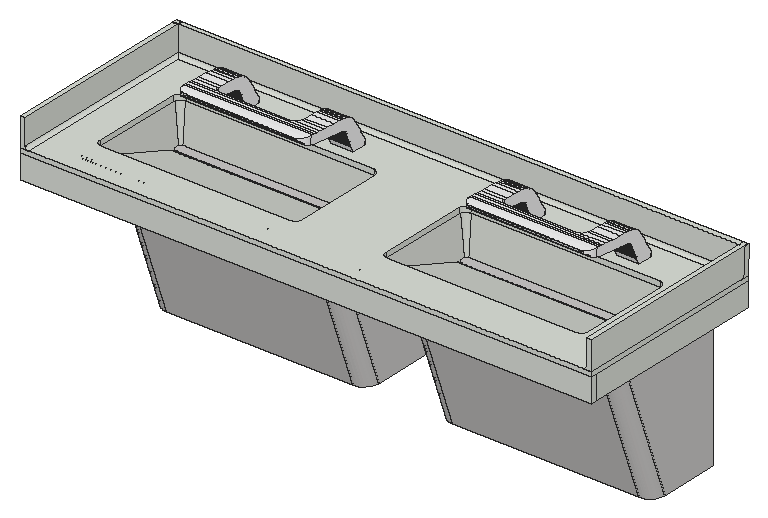
Revit family "Sink-Bradley_Corp-Omnideck_LD-5010_WashBar_2Bowl", category Plumbing Fixtures, Revit 2017
Family settings
  Round Connector Dimension = Use Diameter
  Part Type = Normal
  OmniClass Number = 23.45.00.00
  OmniClass Title = Sanitary, Laundry, and Cleaning Equipment
  Work Plane-Based = No
  Always vertical = Yes
  Cut with Voids When Loaded = No
  Shared = No
  Room Calculation Point = No
Parameters (values of type "Omnideck LD-5010 WashBar 2-Bowl")
  URL = "http://bradleycorp.com"
  SplashRight [instance] = yes
  SplashLeft [instance] = yes
  Splash-Height [instance] = 3"
  Specifications URL = "https://www.bradleycorp.com/3partspec"
  Product Tech Data URL - English = "https://www.bradleycorp.com/download/1152/Bradley_Sink_OmniDeck_LD-3010.pdf"
  Product Page URL = "https://www.bradleycorp.com/lavatories/omnideck/3000-series/omnideck-with-square-multipurpose-basin"
  OmniClass Table 23 Title = "Sinks/Lavatories"
  OmniClass Table 23 Number = "23.45 05 14 14"
  Model = "LD 3010 HS TS1 2-Bowl"
  Material-Deck [instance] = Stone - Bradley Corp - Designer White
  MasterFormat Title = "Commercial Lavatories and Sinks"
  MasterFormat Number = "22 42 16"
  Manufacturer Installation URL - English = "https://www.bradleycorp.com/download/1156/215-1219.pdf"
  Manufacturer = "Bradley Corporation"
  LENGTH [instance] = 60"
  HEIGHT [instance] = 33 1/2"
  SplashBack [instance] = yes
  Material-Basin [instance] = Stone - Bradley Corp - Designer White
  Description = "Bradley Omnideck Lavatory LD 3010  - HS TS1 Two  Bowl"
  DEPTH [instance] = 20 1/2"
  DIST-to-Bowl2 [instance] = 45"
  DIST-To-Bowl1 [instance] = 15"
  Copyright = "This Model Data is Property of Bradley Corporation"
  Assembly Code = "D2010400"
  ApronRight [instance] = yes
  ApronLeft [instance] = yes
  ApronFront [instance] = yes
  Apron-Depth [instance] = 3"
Reference planes
  plane 1 "Center (Front/Back)": y = 0
  plane 2: z = 0
  plane 3 "T.O. Deck": z = 850.9
  plane 4 "Deck Thickness": z = 838.2
  plane 5 "F.O.Deck": y = -520.7
  plane 6: z = 363.538
  plane 7 "C.O. BOWL": y = -273.05
  plane 8 "C.O.Bowl1": x = -502.85
  plane 9 "Splash-Height": z = 927.1
  plane 10 "C.O.Faucet-Soap": y = -79.375
  plane 11 "C.O.Bowl2": x = 259.15
  plane 12 "Right-End": x = 640.15
  plane 13 "LEFT-END": x = -883.85
  plane 14: z = 800.1
  plane 15: y = -482.569
  plane 16 "B.O. Basin": y = -127
  plane 17: x = -777.487
  plane 18: x = -228.212
  plane 19: x = -232.975
  plane 20: x = -772.725
  plane 21: y = -412.75
  plane 22: y = -133.35
  plane 23: x = 914.788
  plane 24: x = 368.594
  plane 25 "B.O. Apron": z = 774.7
  plane 26: z = 800.1
Forms (mm)
  Extrusion 1, solid, material "Stone - Bradley Corp - Designer White" <- "Material-Deck"
    sketch origin (0, 0, 850.9) x (-1, 0, 0) y (0, -1, 0)
      loop
        line (883.85, 0) -> (883.85, 520.7) -> (-640.15, 520.7) -> (-640.15, 0) -> (883.85, 0)
    from 0 to -12.7
  Extrusion 2, solid, material "Stone - Bradley Corp - Designer White" <- "Material-Deck", visible <- "ApronFront", detail levels medium+fine
    sketch origin (0, 0, 838.2) x (-1, 0, 0) y (0, -1, 0)
      loop
        line (883.85, 520.7) -> (-640.15, 520.7) -> (-640.15, 508) -> (883.85, 508) -> (883.85, 520.7)
    from 0 to -63.5
  Extrusion 3, solid, material "Stone - Bradley Corp - Designer White" <- "Material-Deck", visible <- "ApronRight", detail levels medium+fine
    sketch origin (1713.3, 0, 838.2) x (-1, 0, 0) y (0, -1, 0)
      loop
        line (1085.85, 508) -> (1073.15, 508) -> (1073.15, 0) -> (1085.85, 0) -> (1085.85, 508)
    from 0 to -63.5
  Extrusion 4, solid, material "Stone - Bradley Corp - Designer White" <- "Material-Deck", visible <- "ApronLeft", detail levels medium+fine
    sketch origin (-579, 0, 838.2) x (-1, 0, 0) y (0, -1, 0)
      loop
        line (304.85, 508) -> (292.15, 508) -> (292.15, 0) -> (304.85, 0) -> (304.85, 508)
    from 0 to -63.5
  Extrusion 5, solid, material "Stone - Bradley Corp - Designer White" <- "Material-Deck", visible <- "SplashBack"
    sketch origin (640.15, 0, 0) x (0, 0, -1) y (0, -1, 0)
      loop
        line (-927.1, 12.7) -> (-927.1, 0) -> (-850.9, 0) -> (-850.9, 22.225)
        arc (-850.9, 22.225) -> (-853.69, 15.49) -> (-860.425, 12.7) r 9.525
        line (-860.425, 12.7) -> (-927.1, 12.7)
    from 0 to 1524 <- "LENGTH"
  Extrusion 6, solid, material "Stone - Bradley Corp - Designer White" <- "Material-Deck", visible <- "SplashLeft"
    sketch origin (0, 0, 0) x (1, 0, 0) y (0, 0, 1)
      loop
        line (-871.15, 860.425) -> (-871.15, 927.1) -> (-883.85, 927.1) -> (-883.85, 850.9) -> (-861.625, 850.9)
        arc (-861.625, 850.9) -> (-868.36, 853.69) -> (-871.15, 860.425) r 9.525
    from 0 to 520.7 <- "DEPTH"
  Extrusion 7, solid, material "Stone - Bradley Corp - Designer White" <- "Material-Deck", visible <- "SplashRight"
    sketch origin (0, 0, 0) x (1, 0, 0) y (0, 0, 1)
      loop
        line (627.45, 927.1) -> (627.45, 860.425)
        arc (627.45, 860.425) -> (624.66, 853.69) -> (617.925, 850.9) r 9.525
        line (617.925, 850.9) -> (640.15, 850.9) -> (640.15, 927.1) -> (627.45, 927.1)
    from 0 to 520.7 <- "DEPTH"
  Extrusion 8, void
    sketch origin (0, 0, 850.9) x (-1, 0, 0) y (0, -1, 0)
      loop
        arc (251.994, 412.75) -> (238.546, 407.179) -> (232.975, 393.731) r 19.019
        line (232.975, 393.731) -> (232.975, 152.369)
        arc (232.975, 152.369) -> (238.546, 138.921) -> (251.994, 133.35) r 19.019
        line (251.994, 133.35) -> (753.675, 133.35)
        arc (753.675, 133.35) -> (767.123, 138.921) -> (772.725, 152.369) r 19.019
        line (772.725, 152.369) -> (772.694, 393.731)
        arc (772.694, 393.731) -> (767.123, 407.179) -> (753.675, 412.75) r 19.019
        line (753.675, 412.75) -> (251.994, 412.75)
    from 0 to -12.7
  Extrusion 9, void
    sketch origin (1143, 0, 850.9) x (-1, 0, 0) y (0, -1, 0)
      loop
        arc (632.994, 412.75) -> (619.546, 407.179) -> (613.975, 393.731) r 19.019
        line (613.975, 393.731) -> (613.975, 152.369)
        arc (613.975, 152.369) -> (619.546, 138.921) -> (632.994, 133.35) r 19.019
        line (632.994, 133.35) -> (1134.675, 133.35)
        arc (1134.675, 133.35) -> (1148.123, 138.921) -> (1153.725, 152.369) r 19.019
        line (1153.725, 152.369) -> (1153.694, 393.731)
        arc (1153.694, 393.731) -> (1148.123, 407.179) -> (1134.675, 412.75) r 19.019
        line (1134.675, 412.75) -> (632.994, 412.75)
    from 0 to -12.7
Cuts and joins
  Extrusion 8, Extrusion 9 cuts Extrusion 1
Dimensions and locks
  "HEIGHT": plane 3 "T.O. Deck" to level
  locked: plane 3 "T.O. Deck" to plane 4 "Deck Thickness" at 12.7
  "DEPTH": plane 5 "F.O.Deck" to plane 1 "Center (Front/Back)"
  plane 3 "T.O. Deck" to plane 6 = 19 3/16"  (x2)
  locked: plane 7 "C.O. BOWL" to plane 1 "Center (Front/Back)" at 273.05
  "Splash-Height": plane 9 "Splash-Height" to plane 3 "T.O. Deck"
  locked: plane 1 "Center (Front/Back)" to plane 10 "C.O.Faucet-Soap" at 79.375
  locked: plane 3 "T.O. Deck" to plane 14 at 50.8
  plane 17 to plane 8 "C.O.Bowl1" to plane 18 = 10 13/16", 10 13/16"
  "LENGTH": plane 13 "LEFT-END" to plane 12 "Right-End"
  "DIST-To-Bowl1": plane 13 "LEFT-END" to plane 8 "C.O.Bowl1"
  "DIST-to-Bowl2": plane 13 "LEFT-END" to plane 11 "C.O.Bowl2"
  locked: plane 16 "B.O. Basin" to plane 1 "Center (Front/Back)" at 127
  plane 17 to plane 18 = 21 5/8"
  locked: plane 21 to plane 1 "Center (Front/Back)" at 412.75
  "Apron-Depth": plane 3 "T.O. Deck" to plane 25 "B.O. Apron"
  locked: cut or joined group of Extrusion 1, Extrusion 8, Extrusion 9 to plane 26 at 50.8
  aligned and locked: level to plane 2
  aligned and locked: Extrusion 1 sketch curve to plane 5 "F.O.Deck"
  aligned and locked: Extrusion 1 to plane 4 "Deck Thickness"
  aligned and locked: Extrusion 1 to plane 1 "Center (Front/Back)"
  aligned and locked: plane 12 "Right-End" to Extrusion 1 sketch curve
  aligned and locked: Extrusion 2 sketch curve to plane 12 "Right-End"
  aligned and locked: plane 13 "LEFT-END" to cut or joined group of Extrusion 1, Extrusion 8, Extrusion 9
  aligned and locked: plane 13 "LEFT-END" to Extrusion 2
  aligned and locked: Extrusion 6 sketch curve to cut or joined group of Extrusion 1, Extrusion 8, Extrusion 9
  aligned and locked: Extrusion 6 sketch curve to plane 9 "Splash-Height"
  aligned and locked: Extrusion 7 sketch curve to cut or joined group of Extrusion 1, Extrusion 8, Extrusion 9
  aligned and locked: Extrusion 7 sketch curve to plane 9 "Splash-Height"
  aligned and locked: nested 1 to plane 8 "C.O.Bowl1"
  aligned and locked: plane 1 "Center (Front/Back)" to nested 1
  aligned and locked: nested 2 to plane 10 "C.O.Faucet-Soap"
  aligned and locked: plane 3 "T.O. Deck" to nested 2
  aligned and locked: nested 3 to plane 8 "C.O.Bowl1"
  aligned and locked: plane 4 "Deck Thickness" to nested 3
  aligned and locked: plane 6 to nested 1
  aligned and locked: plane 21 to cut or joined group of Extrusion 1, Extrusion 8, Extrusion 9
  aligned and locked: plane 11 "C.O.Bowl2" to nested 4
  aligned and locked: nested 4 to plane 10 "C.O.Faucet-Soap"
  aligned and locked: nested 6 to plane 11 "C.O.Bowl2"
  aligned and locked: plane 6 to nested 5
  aligned and locked: plane 4 "Deck Thickness" to nested 6
  aligned and locked: plane 3 "T.O. Deck" to nested 4
  aligned and locked: Extrusion 2 to plane 25 "B.O. Apron"
  aligned and locked: Extrusion 3 to plane 25 "B.O. Apron"
  aligned and locked: Extrusion 4 to plane 25 "B.O. Apron"
  aligned and locked: nested 5 to plane 11 "C.O.Bowl2"
Automatic sketch dimensions
  Extrusion 1 sketch curve to plane 13 "LEFT-END" = 0"
  plane 1 "Center (Front/Back)" to Extrusion 1 sketch curve = 0"
  Extrusion 2 sketch curve to plane 13 "LEFT-END" = 0"
  plane 5 "F.O.Deck" to Extrusion 2 sketch curve = 0"
  Extrusion 2 sketch curve to plane 5 "F.O.Deck" = 1/2"
  Extrusion 3 sketch curve to plane 12 "Right-End" = 0"
  plane 1 "Center (Front/Back)" to Extrusion 3 sketch curve = 0"
  Extrusion 3 sketch curve to Extrusion 3 sketch curve = 1/2"
  Extrusion 3 sketch curve to plane 5 "F.O.Deck" = 1/2"
  plane 1 "Center (Front/Back)" to Extrusion 4 sketch curve = 0"
  Extrusion 4 sketch curve to plane 13 "LEFT-END" = 0"
  Extrusion 4 sketch curve to plane 13 "LEFT-END" = 1/2"
  Extrusion 4 sketch curve to plane 5 "F.O.Deck" = 1/2"
  Extrusion 5 sketch curve to plane 1 "Center (Front/Back)" = 0"
  Extrusion 5 sketch curve to plane 9 "Splash-Height" = 0"
  Extrusion 5 sketch curve to plane 3 "T.O. Deck" = 0"
  plane 3 "T.O. Deck" to Extrusion 5 sketch curve = 3/8"
  plane 1 "Center (Front/Back)" to Extrusion 5 sketch curve = 1/2"
  plane 13 "LEFT-END" to Extrusion 6 sketch curve = 0"
  Extrusion 6 sketch curve to plane 13 "LEFT-END" = 1/2"
  plane 3 "T.O. Deck" to Extrusion 6 sketch curve = 3/8"
  plane 12 "Right-End" to Extrusion 7 sketch curve = 0"
  plane 12 "Right-End" to Extrusion 7 sketch curve = 1/2"
  Extrusion 7 sketch curve to Extrusion 7 sketch curve = 3/8"
  Extrusion 8 sketch curve to plane 19 = 0"
  plane 21 to Extrusion 8 sketch curve = 0"
  plane 22 to Extrusion 8 sketch curve = 0"
  Extrusion 8 sketch curve to plane 20 = 0"
  plane 19 to Extrusion 8 sketch curve = 0.74878"  (x2)
  Extrusion 8 sketch curve to plane 20 = 3/4"
  Extrusion 8 sketch curve to Extrusion 8 sketch curve = 3/4"
  Extrusion 8 sketch curve to Extrusion 8 sketch curve = 0.74878"  (x2)
  Extrusion 8 sketch curve to Extrusion 8 sketch curve = 0"  (x2)
  plane 21 to Extrusion 9 sketch curve = 0"
  plane 22 to Extrusion 9 sketch curve = 0"
  plane 22 to Extrusion 9 sketch curve = 0.74878"  (x2)
  Extrusion 9 sketch curve to plane 21 = 0.74878"  (x2)
  Extrusion 9 sketch curve to Extrusion 9 sketch curve = 0.00122"
  Extrusion 9 sketch curve to Extrusion 9 sketch curve = 0"  (x3)
  Extrusion 9 sketch curve to plane 11 "C.O.Bowl2" = 9.87622"
  plane 11 "C.O.Bowl2" to Extrusion 9 sketch curve = 9 7/8"
Nested families
  nested 1: "Access-Panel-LD5010" at (-502.85, 0, 810.323), type "Access-Panel-LD5010"
  nested 2: "Faucet-Soap-Dryer-Bradley_Corp-3_In_One_Washbar" at (-502.85, -55.575, 850.9), type "Washbar"
  nested 3: "Basin-Bradley_Corp-Omnideck-WashBar-LD5010" at (-437.762, 0, 0), Basin Material <- "Material-Basin", type "LVQ-1"
    with Height 33 1/2", Basin Material Stone - Bradley Corp - Designer White
  nested 4: "Faucet-Soap-Dryer-Bradley_Corp-3_In_One_Washbar" at (259.15, -55.575, 850.9), type "Washbar"
  nested 5: "Access-Panel-LD5010" at (259.15, 0, 810.324), type "Access-Panel-LD5010"
  nested 6: "Basin-Bradley_Corp-Omnideck-WashBar-LD5010" at (324.238, 0, 0), Basin Material <- "Material-Basin", type "LVQ-1"
    with Height 33 1/2", Basin Material Stone - Bradley Corp - Designer White
Definition of nested family "Access-Panel-LD5010"
  Reference planes
    plane 1 "Center (Front/Back)": y = 0
    plane 2 "T.O. Access Panel": z = 0
    plane 3 "Center (Left/Right)": x = 0
    plane 4 "B.O. Access Panel": z = -446.786
    plane 5: through (0, -339.048, 0) normal (0, 0.9397, 0.342)
    plane 6 "Bottom Perimeter": y = -198.374
    plane 7 "Top Perimeter": y = -348.488
    plane 8 "Inside-Left": x = -252.73
    plane 9 "Inside-Right": x = 252.73
    plane 10: x = -285.369
    plane 11: x = 285.369
    plane 12: z = -33.528
    plane 13: y = 214.884
    plane 14 "top edge": y = -360.667
  Forms (mm)
    Blend 1, solid
      base sketch origin (0, 0, -446.786) x (0, -1, 0) y (1, 0, 0)
        loop
          arc (195.834, -247.269) -> (185.419, -272.414) -> (160.274, -282.829) r 35.56
          line (160.274, -282.829) -> (0, -282.829) -> (0, -285.369) -> (160.274, -285.369)
          arc (160.274, -285.369) -> (187.215, -274.21) -> (198.374, -247.269) r 38.1
          line (198.374, -247.269) -> (198.374, 247.269)
          arc (198.374, 247.269) -> (187.215, 274.21) -> (160.274, 285.369) r 38.1
          line (160.274, 285.369) -> (0, 285.369) -> (0, 282.829) -> (160.274, 282.829)
          arc (160.274, 282.829) -> (185.419, 272.414) -> (195.834, 247.269) r 35.56
          line (195.834, 247.269) -> (195.834, -247.269)
      top sketch origin (0, 0, 0) x (1, 0, 0) y (0, 1, 0)
        loop
          arc (247.269, -360.667) -> (274.21, -349.508) -> (285.369, -322.567) r 38.1
          line (285.369, -322.567) -> (285.369, 0) -> (282.829, 0) -> (282.829, -322.567)
          arc (282.829, -322.567) -> (272.414, -347.712) -> (247.269, -358.127) r 35.56
          line (247.269, -358.127) -> (-247.269, -358.127)
          arc (-247.269, -358.127) -> (-272.414, -347.712) -> (-282.829, -322.567) r 35.56
          line (-282.829, -322.567) -> (-282.829, 0) -> (-285.369, 0) -> (-285.369, -322.567)
          arc (-285.369, -322.567) -> (-274.21, -349.508) -> (-247.269, -360.667) r 38.1
          line (-247.269, -360.667) -> (247.269, -360.667)
      from 0 to 0
    Extrusion 2, void
      sketch origin (0, 0, 0) x (0, 1, 0) y (0, 0, 1)
        loop
          arc (-368.237, -44.643) -> (-286.598, -9.794) -> (-198.374, 0) r 304.142
          line (-198.374, 0) -> (-198.374, 19.05) -> (-368.237, 19.05) -> (-368.237, -44.643)
      from -304.8 to 304.8
  Cuts and joins
    Extrusion 2 cuts Blend 1
  Lines and regions (mm)
    Masking region 1
      outline origin (0, 0, 0) x (1, 0, 0) y (0, 0, 1)
        loop
          line (252.73, 0) -> (-252.73, 0) -> (-252.73, -446.786) -> (252.73, -446.786) -> (252.73, 0)
    Masking region 2
      outline origin (0, 0, 0) x (0, 1, 0) y (0, 0, 1)
        loop
          line (0, -446.786) -> (0, 0) -> (-339.048, 0) -> (-178.598, -446.786) -> (0, -446.786)
    symbolic lines
      curve 1: line (0, -198.374, -446.786) -> (0, -360.667, 0)
  Dimensions and locks
    plane 10 to plane 3 "Center (Left/Right)" to plane 11 = 11.235", 11.235"
    plane 10 to plane 11 = 22.47"
    plane 6 "Bottom Perimeter" to plane 1 "Center (Front/Back)" = 7.81"
    plane 7 "Top Perimeter" to plane 1 "Center (Front/Back)" = 13.72"
    level to plane 4 "B.O. Access Panel" = 17.59"
    plane 12 to plane 4 "B.O. Access Panel" = 16.27"
    aligned and locked: plane 2 "T.O. Access Panel" to level
    aligned and locked: Masking region 2 to plane 4 "B.O. Access Panel"
    aligned and locked: Masking region 1 to plane 4 "B.O. Access Panel"
Definition of nested family "Faucet-Soap-Dryer-Bradley_Corp-3_In_One_Washbar"
  Parameters (values of type "Washbar")
    Washbar Material = none
    Model = "Bradley Washbar"
  Reference planes
    plane 1 "B.O. Washbar": y = 0
    plane 2 "BASE": z = 0
    plane 3 "Center (Left/Right)": x = 0
    plane 4: x = -120.65
    plane 5: x = 120.65
    plane 6: x = -146.108
    plane 7: x = 196.73
    plane 8 "Washbar-Left": x = -171.45
    plane 9 "Washbar-Right": x = 171.45
    plane 10 "Deck Hole-Right": x = 139.7
    plane 11 "Deck Hole-Left": x = -139.7
    plane 12: y = -158.79
    plane 13: x = -111.125
    plane 14: x = 111.125
    plane 15 "Washbar-Front": y = -209.362
    plane 16 "C.O. Faucet Connection": y = -23.8
  Forms (mm)
    Extrusion 1, solid, material <- "Washbar Material"
      sketch origin (0, 0, 0) x (0, 1, 0) y (0, 0, 1)
        loop
          line (0, 0) -> (-2.908, 4.966) -> (-5.773, 9.932) -> (-8.618, 14.91) -> (-11.463, 19.889) -> (-14.314, 24.864) -> (-17.167, 29.837) -> (-20.018, 34.812) -> (-22.861, 39.791) -> (-25.688, 44.78) -> (-28.496, 49.779) -> (-31.292, 54.785) -> (-34.089, 59.79) -> (-36.95, 64.758) -> (-39.964, 69.629) -> (-43.269, 74.306) -> (-47.037, 78.624) -> (-51.367, 82.378) -> (-56.197, 85.441) -> (-61.4, 87.831) -> (-66.841, 89.634) -> (-72.414, 90.982) -> (-78.054, 92) -> (-83.73, 92.78) -> (-93.767, 93.856) -> (-108.192, 94.754) -> (-131.905, 96.037) -> (-142.274, 96.655) -> (-156.34, 97.542) -> (-165.831, 98.099) -> (-175.514, 98.578) -> (-180.82, 98.735)
          arc (-180.82, 98.735) -> (-194.876, 98.272) -> (-208.766, 96.06) r 112.569
          arc (-208.766, 96.06) -> (-209.25, 95.713) -> (-209.336, 95.123) r 0.762
          line (-209.336, 95.123) -> (-207.999, 90.022) -> (-199.479, 84.056) -> (-199.951, 82.514) -> (-173.927, 74.558)
          arc (-173.927, 74.558) -> (-173.403, 74.645) -> (-173.073, 75.06) r 0.741
          arc (-173.073, 75.06) -> (-172.338, 75.841) -> (-171.268, 75.922) r 1.482
          line (-171.268, 75.922) -> (-167.709, 75.516) -> (-166.749, 75.407) -> (-165.658, 75.283) -> (-164.439, 75.144) -> (-163.095, 74.99) -> (-161.633, 74.824) -> (-160.062, 74.645) -> (-158.394, 74.455) -> (-156.64, 74.255) -> (-154.816, 74.047) -> (-152.944, 73.834) -> (-151.044, 73.618) -> (-149.135, 73.4) -> (-147.228, 73.183) -> (-145.323, 72.966) -> (-143.417, 72.749) -> (-141.511, 72.531) -> (-139.604, 72.314) -> (-137.698, 72.097) -> (-135.792, 71.88) -> (-133.885, 71.662) -> (-131.979, 71.445) -> (-130.073, 71.228) -> (-128.167, 71.011) -> (-126.261, 70.793) -> (-124.355, 70.576) -> (-122.449, 70.359) -> (-120.544, 70.142) -> (-118.638, 69.925) -> (-116.733, 69.707) -> (-114.828, 69.49) -> (-112.923, 69.273) -> (-111.018, 69.056) -> (-109.113, 68.84) -> (-107.208, 68.623) -> (-105.303, 68.406) -> (-103.399, 68.187) -> (-101.495, 67.968) -> (-99.592, 67.75) -> (-97.688, 67.537) -> (-95.784, 67.329) -> (-93.88, 67.121) -> (-91.978, 66.902) -> (-90.079, 66.662) -> (-88.184, 66.397) -> (-86.292, 66.108) -> (-82.884, 65.553) -> (-79.277, 64.113) -> (-78.238, 63.616) -> (-77.232, 63.054) -> (-76.256, 62.439) -> (-75.313, 61.779) -> (-74.409, 61.07) -> (-73.547, 60.309) -> (-72.709, 59.47) -> (-71.919, 58.566) -> (-71.203, 57.597) -> (-70.573, 56.565) -> (-70.017, 55.487) -> (-69.523, 54.38) -> (-69.066, 53.258) -> (-68.62, 52.13) -> (-68.162, 51.007) -> (-67.688, 49.891) -> (-67.206, 48.777) -> (-66.723, 47.664) -> (-66.243, 46.549) -> (-65.767, 45.432) -> (-65.293, 44.315) -> (-64.819, 43.198) -> (-64.343, 42.081) -> (-63.867, 40.964) -> (-63.39, 39.847) -> (-62.913, 38.731) -> (-62.435, 37.615) -> (-61.958, 36.498) -> (-61.48, 35.382) -> (-61.003, 34.265) -> (-60.526, 33.149) -> (-60.048, 32.032) -> (-59.571, 30.916) -> (-59.093, 29.799) -> (-58.615, 28.683) -> (-58.137, 27.567) -> (-57.659, 26.45) -> (-57.18, 25.334) -> (-56.702, 24.218) -> (-56.224, 23.101) -> (-55.745, 21.985) -> (-55.267, 20.869) -> (-54.788, 19.753) -> (-54.309, 18.637) -> (-53.83, 17.521) -> (-53.351, 16.405) -> (-52.872, 15.289) -> (-52.393, 14.173) -> (-46.304, 0) -> (0, 0)
      from -171.45 to 171.45
    Extrusion 2, void
      sketch origin (0, 0, 0) x (1, 0, 0) y (0, 1, 0)
        loop
          arc (-111.125, -143.55) -> (-106.661, -154.327) -> (-95.885, -158.79) r 15.24
          line (-95.885, -158.79) -> (0, -158.79) -> (0, 3.175) -> (-139.7, 3.175) -> (-139.7, 0)
          arc (-139.7, 0) -> (-125.511, -1.679) -> (-111.896, -6.013) r 75.153
          arc (-111.896, -6.013) -> (-111.335, -6.481) -> (-111.125, -7.181) r 1.27
          line (-111.125, -7.181) -> (-111.125, -143.55)
      from 0 to 152.4
    Extrusion 3, void
      sketch origin (0, 0, 0) x (-1, 0, 0) y (0, -1, 0)
        loop
          line (-111.125, 143.55) -> (-111.125, 7.181)
          arc (-111.125, 7.181) -> (-111.335, 6.481) -> (-111.896, 6.013) r 1.27
          arc (-111.896, 6.013) -> (-125.511, 1.679) -> (-139.7, 0) r 75.153
          line (-139.7, 0) -> (-139.7, -3.175) -> (0, -3.175) -> (0, 158.79) -> (-95.885, 158.79)
          arc (-95.885, 158.79) -> (-106.661, 154.327) -> (-111.125, 143.55) r 15.24
      from 0 to 152.4
    Extrusion 4, void
      sketch origin (0, 0, 0) x (1, 0, 0) y (0, 1, 0)
        loop
          line (-142.875, 0) -> (-142.875, 3.111) -> (-174.738, 3.111) -> (-174.738, -7.181) -> (-171.45, -7.181)
          arc (-171.45, -7.181) -> (-171.24, -6.481) -> (-170.679, -6.013) r 1.27
          arc (-170.679, -6.013) -> (-157.064, -1.679) -> (-142.875, 0) r 75.153
      from 0 to 50.8
    Extrusion 5, void
      sketch origin (0, 0, 0) x (-1, 0, 0) y (0, -1, 0)
        loop
          arc (-142.875, 0) -> (-157.064, 1.679) -> (-170.679, 6.013) r 75.153
          arc (-170.679, 6.013) -> (-171.24, 6.481) -> (-171.45, 7.181) r 1.27
          line (-171.45, 7.181) -> (-174.738, 7.181) -> (-174.738, -3.111) -> (-142.875, -3.111) -> (-142.875, 0)
      from 0 to 50.8
    Extrusion 6, void
      sketch origin (0, 0, 0) x (1, 0, 0) y (0, 1, 0)
        loop
          line (-179.186, -186.859) -> (-179.186, -215.881) -> (-149.537, -215.881) -> (-149.537, -209.122)
          arc (-149.537, -209.122) -> (-164.22, -201.711) -> (-171.284, -186.859) r 25.4
          line (-171.284, -186.859) -> (-179.186, -186.859)
      from 0 to 153.722
    Extrusion 7, void
      sketch origin (0, 0, 0) x (-1, 0, 0) y (0, -1, 0)
        loop
          line (-179.186, 186.859) -> (-171.284, 186.859)
          arc (-171.284, 186.859) -> (-164.22, 201.711) -> (-149.537, 209.122) r 25.4
          line (-149.537, 209.122) -> (-149.537, 215.881) -> (-179.186, 215.881) -> (-179.186, 186.859)
      from 0 to 153.722
  Cuts and joins
    Extrusion 2, Extrusion 3, Extrusion 4, Extrusion 5, Extrusion 6, Extrusion 7 cuts Extrusion 1
  Lines and regions (mm)
    Masking region 1
      outline origin (0, 0, 0) x (1, 0, 0) y (0, 1, 0)
        loop
          arc (146.05, -209.362) -> (164.011, -201.923) -> (171.45, -183.962) r 25.4
          line (171.45, -183.962) -> (171.45, -6.348)
          arc (171.45, -6.348) -> (156.699, -1.601) -> (141.288, 0.019) r 75.153
          arc (141.288, 0.019) -> (125.876, -1.601) -> (111.125, -6.348) r 75.153
          line (111.125, -6.348) -> (111.125, -143.55)
          arc (111.125, -143.55) -> (106.661, -154.327) -> (95.885, -158.79) r 15.24
          line (95.885, -158.79) -> (-95.885, -158.79)
          arc (-95.885, -158.79) -> (-106.661, -154.327) -> (-111.125, -143.55) r 15.24
          line (-111.125, -143.55) -> (-111.125, -6.348)
          arc (-111.125, -6.348) -> (-125.876, -1.601) -> (-141.287, 0.019) r 75.153
          arc (-141.287, 0.019) -> (-156.699, -1.601) -> (-171.45, -6.348) r 75.153
          line (-171.45, -6.348) -> (-171.45, -183.962)
          arc (-171.45, -183.962) -> (-164.011, -201.923) -> (-146.05, -209.362) r 25.4
          line (-146.05, -209.362) -> (146.05, -209.362)
    Masking region 2
      outline origin (0, 0, 0) x (0, 1, 0) y (0, 0, 1)
        loop
          line (-108.192, 94.754) -> (-131.905, 96.037) -> (-142.274, 96.655) -> (-156.34, 97.542) -> (-172.427, 98.487) -> (-180.82, 98.735)
          arc (-180.82, 98.735) -> (-194.876, 98.272) -> (-208.766, 96.06) r 112.569
          arc (-208.766, 96.06) -> (-209.25, 95.713) -> (-209.336, 95.123) r 0.762
          line (-209.336, 95.123) -> (-207.999, 90.022) -> (-199.479, 84.056) -> (-199.951, 82.514) -> (-173.927, 74.558)
          arc (-173.927, 74.558) -> (-173.437, 74.627) -> (-173.1, 74.988) r 0.741
          arc (-173.1, 74.988) -> (-172.372, 75.824) -> (-171.268, 75.922) r 1.482
          line (-171.268, 75.922) -> (-167.709, 75.516) -> (-166.749, 75.407) -> (-165.658, 75.283) -> (-164.439, 75.144) -> (-163.095, 74.99) -> (-161.633, 74.824) -> (-160.062, 74.645) -> (-158.394, 74.455) -> (-156.64, 74.255) -> (-154.816, 74.047) -> (-152.944, 73.834) -> (-151.044, 73.618) -> (-149.135, 73.4) -> (-147.228, 73.183) -> (-145.323, 72.966) -> (-143.417, 72.749) -> (-141.511, 72.531) -> (-139.604, 72.314) -> (-137.698, 72.097) -> (-135.792, 71.88) -> (-133.885, 71.662) -> (-131.979, 71.445) -> (-130.073, 71.228) -> (-128.167, 71.011) -> (-126.261, 70.793) -> (-124.355, 70.576) -> (-122.449, 70.359) -> (-120.544, 70.142) -> (-118.638, 69.925) -> (-116.733, 69.707) -> (-114.828, 69.49) -> (-112.923, 69.273) -> (-111.018, 69.056) -> (-109.113, 68.84) -> (-107.208, 68.623) -> (-105.303, 68.406) -> (-103.399, 68.187) -> (-101.495, 67.968) -> (-99.592, 67.75) -> (-97.688, 67.537) -> (-95.784, 67.329) -> (-93.88, 67.121) -> (-91.978, 66.902) -> (-90.079, 66.662) -> (-88.184, 66.397) -> (-86.292, 66.108) -> (-82.884, 65.553) -> (-79.277, 64.113) -> (-78.238, 63.616) -> (-77.232, 63.054) -> (-76.256, 62.439) -> (-75.313, 61.779) -> (-74.409, 61.07) -> (-73.547, 60.309) -> (-72.709, 59.47) -> (-71.919, 58.566) -> (-71.203, 57.597) -> (-70.573, 56.565) -> (-70.017, 55.487) -> (-69.523, 54.38) -> (-69.066, 53.258) -> (-68.62, 52.13) -> (-68.162, 51.007) -> (-67.688, 49.891) -> (-67.206, 48.777) -> (-66.723, 47.664) -> (-66.243, 46.549) -> (-65.767, 45.432) -> (-65.293, 44.315) -> (-64.819, 43.198) -> (-64.343, 42.081) -> (-63.867, 40.964) -> (-63.39, 39.847) -> (-62.913, 38.731) -> (-62.435, 37.615) -> (-61.958, 36.498) -> (-61.48, 35.382) -> (-61.003, 34.265) -> (-60.526, 33.149) -> (-60.048, 32.032) -> (-59.571, 30.916) -> (-59.093, 29.799) -> (-58.615, 28.683) -> (-58.137, 27.567) -> (-57.659, 26.45) -> (-57.18, 25.334) -> (-56.702, 24.218) -> (-56.224, 23.101) -> (-55.745, 21.985) -> (-55.267, 20.869) -> (-54.788, 19.753) -> (-54.309, 18.637) -> (-53.83, 17.521) -> (-53.351, 16.405) -> (-52.872, 15.289) -> (-52.393, 14.173) -> (-46.304, 0) -> (-0.099, 0) -> (-8.618, 14.91) -> (-11.463, 19.889) -> (-14.314, 24.864) -> (-17.167, 29.837) -> (-20.018, 34.812) -> (-22.861, 39.791) -> (-25.688, 44.78) -> (-28.496, 49.779) -> (-31.292, 54.785) -> (-34.089, 59.79) -> (-36.95, 64.758) -> (-39.964, 69.629) -> (-43.269, 74.306) -> (-47.037, 78.624) -> (-51.367, 82.378) -> (-56.197, 85.441) -> (-61.4, 87.831) -> (-66.841, 89.634) -> (-72.414, 90.982) -> (-78.054, 92) -> (-83.73, 92.78) -> (-93.767, 93.856) -> (-108.192, 94.754)
    Masking region 3
      outline origin (0, 0, 0) x (1, 0, 0) y (0, 0, 1)
        loop
          line (-171.45, 98.578) -> (-171.45, 0) -> (-111.125, 0) -> (-111.125, 72.749)
          arc (-111.125, 72.749) -> (-109.839, 73.414) -> (-108.432, 73.756) r 6.06
          arc (-108.432, 73.756) -> (-102.17, 74.314) -> (-95.885, 74.5) r 106.159
          line (-95.885, 74.5) -> (95.885, 74.5)
          arc (95.885, 74.5) -> (102.17, 74.314) -> (108.432, 73.756) r 106.159
          arc (108.432, 73.756) -> (109.839, 73.414) -> (111.125, 72.749) r 6.06
          line (111.125, 72.749) -> (111.125, 0) -> (171.45, 0) -> (171.45, 98.578) -> (-171.45, 98.578)
    symbolic lines
      curve 1: line (-95.885, 0, 74.5) -> (-170.925, 0, 74.5)
      curve 2: line (95.885, 0, 74.5) -> (170.925, 0, 74.5)
  Dimensions and locks
    locked: plane 8 "Washbar-Left" to plane 9 "Washbar-Right" at 342.9
    plane 11 "Deck Hole-Left" to plane 3 "Center (Left/Right)" to plane 10 "Deck Hole-Right" = 5 1/2", 5 1/2"
    plane 8 "Washbar-Left" to plane 11 "Deck Hole-Left" to plane 13 = 1 1/4", 1 1/8"
    plane 14 to plane 10 "Deck Hole-Right" = 1 1/8"
    plane 11 "Deck Hole-Left" to plane 10 "Deck Hole-Right" = 11"
    plane 16 "C.O. Faucet Connection" to plane 1 "B.O. Washbar" = 0.937"
    aligned and locked: level to plane 2 "BASE"
    aligned and locked: Extrusion 1 to plane 8 "Washbar-Left"
    aligned and locked: plane 9 "Washbar-Right" to Extrusion 1
Definition of nested family "Basin-Bradley_Corp-Omnideck-WashBar-LD5010"
  Parameters (values of type "LVQ-1")
    Warranty Information = ""
    Version = "1.0"
    URL = "http://bradleycorp.com"
    Specifications URL = "https://www.bradleycorp.com/3partspec"
    Product Tech Data URL - English = "https://www.bradleycorp.com/download/4754/Bradley_Sink_Verge_LVQD1.pdf"
    Product Page URL = "http://info.bradleycorp.com/verge-washbar"
    OmniClass Table 23 Title = "Sink/Lavatories"
    OmniClass Table 23 Number = "23-31 13 00"
    OmniClass Table 21 Title = "Plumbing Fixtures"
    OmniClass Table 21 Number = "21-04 20 10 60"
    Model = "LVQD1"
    MasterFormat Title = "Commercial Lavatories and Sinks"
    MasterFormat Number = "22 42 16"
    Manufacturer Revit Model URL = ""
    Manufacturer Installation URL - English = ""
    Manufacturer = "Bradley Corporation"
    Length = 30"
    Installation Type = "Wall Hung"
    Height [instance] = 33 1/2"
    Description = "Verge™ Lavatory System w/Washbar Technology – LVQ Series, One Station"
    Depth = 21"
    Copyright = "This Model Data is Property of Bradley Corporation"
    Basin Material [instance] = none
    Assembly Code = "D2010300"
    ADA Compliant = yes
  Reference planes
    plane 1 "Center (Front/Back)": y = 0
    plane 2: z = 0
    plane 3 "Center (Left/Right)": x = -6.35
    plane 4: x = -381
    plane 5: x = 381
    plane 6 "T.O. Lav Deck": z = 850.9
    plane 7: y = -533.4
    plane 8 "B.O. Basin": y = -127
    plane 9: y = -69.85
    plane 10 "B.O. Bowl": z = 628.65
    plane 11 "Mid-Basin": y = -338.293
    plane 12 "B.O. Deck": z = 755.65
    plane 13: x = -339.725
    plane 14: x = 339.725
    plane 15: z = 342.9
    plane 16: through (358.886, -6.269, 1219.2) normal (0.9959, -0.0902, 0)
    plane 17: through (-331.911, -304.093, 1219.2) normal (-0.9959, -0.0902, 0)
    plane 18: z = 673.72
    plane 19 "Access Panel Side": through (325.941, -370.004, 1219.2) normal (0.0902, 0.9959, 0)
    plane 20 "Drain Strip-Bottom": z = 713.126
    plane 21 "Drain Strip-Top": z = 732.99
    plane 22: x = 209.55
    plane 23 "RightSide": x = 250.825
    plane 24 "C.O. Basin": x = -65.087
  Forms (mm)
    Extrusion 1, void
      sketch origin (-6.35, 0, 0) x (0, 1, 0) y (0, 0, 1)
        loop
          line (-408.046, 820.041) -> (-169.423, 732.99)
          arc (-169.423, 732.99) -> (-167.965, 731.914) -> (-167.333, 730.215) r 3.175
          line (-167.333, 730.215) -> (-166.138, 713.126) -> (-139.054, 713.126) -> (-127.254, 847.995)
          arc (-127.254, 847.995) -> (-127.072, 848.818) -> (-126.679, 849.564) r 3.175
          arc (-126.679, 849.564) -> (-125.947, 850.347) -> (-125.029, 850.9) r 3.893
          line (-125.029, 850.9) -> (-421.71, 850.9)
          arc (-421.71, 850.9) -> (-420.703, 850.54) -> (-420.153, 849.622) r 1.588
          line (-420.153, 849.622) -> (-417.881, 838.2) -> (-416.149, 829.495)
          arc (-416.149, 829.495) -> (-413.335, 823.707) -> (-408.046, 820.041) r 12.7
      from 209.55 to -339.725
    Extrusion 2, solid, material <- "Basin Material"
      sketch origin (-6.35, 0, 0) x (0, 1, 0) y (0, 0, 1)
        loop
          line (-303.644, 755.65) -> (-296.71, 736.6) -> (-230.339, 736.6) -> (-224.838, 673.72) -> (0, 673.72) -> (0, 838.2) -> (-455.981, 838.2) -> (-455.13, 828.476)
          arc (-455.13, 828.476) -> (-454.258, 826.372) -> (-452.154, 825.5) r 2.976
          line (-452.154, 825.5) -> (-442.096, 825.5) -> (-438.272, 825.5)
          arc (-438.272, 825.5) -> (-433.142, 824.001) -> (-429.627, 819.974) r 9.525
          arc (-429.627, 819.974) -> (-423.03, 810.934) -> (-413.466, 805.12) r 28.575
          line (-413.466, 805.12) -> (-349.705, 781.914)
          arc (-349.705, 781.914) -> (-347.387, 780.438) -> (-345.91, 778.119) r 6.35
          line (-345.91, 778.119) -> (-337.732, 755.65) -> (-303.644, 755.65)
      from 250.825 to -355.6
    Extrusion 3, solid
      sketch origin (0, 0, 732.99) x (0, -1, 0) y (1, 0, 0)
        loop
          arc (165.856, 181.191) -> (152.309, 194.738) -> (138.763, 181.191) r 13.546
          line (138.763, 181.191) -> (138.763, -311.366)
          arc (138.763, -311.366) -> (152.309, -324.913) -> (165.856, -311.366) r 13.546
          line (165.856, -311.366) -> (165.856, 181.191)
      from 0 to -9.525
    Sweep 4, solid, material <- "Basin Material"
      path origin (0, 0, 850.9) x (-1, 0, 0) y (0, -1, 0)
        loop
          arc (320.675, 125.029) -> (334.145, 130.609) -> (339.725, 144.079) r 19.05
          line (339.725, 144.079) -> (339.725, 401.913)
          arc (339.725, 401.913) -> (334.145, 415.383) -> (320.675, 420.963) r 19.05
      profile "Inner-Bowl-Surface : Inner-Bowl-Surface" origin (-334.145, -130.609, 850.9) x (0.707107, -0.707107, 0) y (0, 0, 1)
        loop
          line (14.025, -137.774) -> (3.082, -12.7) -> (-8.043, -12.7) -> (-8.043, -137.774) -> (14.025, -137.774)
    Extrusion 5, void
      sketch origin (30.588, -337.712, 0) x (0.995923, 0.090206, 0) y (0, 0, -1)
        loop
          line (-334.704, -666.251) -> (-375.446, -655.793) -> (-400.724, -754.265) -> (-357.297, -754.265) -> (-334.704, -666.251)
      from 381 to -139.035
    Extrusion 6, void
      sketch origin (-160.763, -337.712, 0) x (-0.995923, 0.090206, 0) y (0, 0, 1)
        loop
          line (-334.704, 666.251) -> (-357.297, 754.265) -> (-400.724, 754.265) -> (-375.446, 655.793) -> (-334.704, 666.251)
      from 381 to -139.035
    Sweep 7, solid, material <- "Basin Material"
      path origin (-130.175, 0, 850.9) x (1, 0, 0) y (0, -1, 0)
        loop
          arc (320.675, 125.029) -> (334.145, 130.609) -> (339.725, 144.079) r 19.05
          line (339.725, 144.079) -> (339.725, 401.913)
          arc (339.725, 401.913) -> (334.145, 415.383) -> (320.675, 420.963) r 19.05
      profile "Inner-Bowl-Surface : Inner-Bowl-Surface" origin (203.97, -130.609, 850.9) x (0.707107, 0.707107, 0) y (0, 0, 1)
        loop
          line (-14.025, -137.774) -> (8.043, -137.774) -> (8.043, -12.7) -> (-3.082, -12.7) -> (-14.025, -137.774)
    Extrusion 8, void
      sketch origin (-6.35, 0, 0) x (0, 1, 0) y (0, 0, 1)
        loop
          line (-429.005, 818.712) -> (-429.005, 754.265) -> (-337.228, 754.265) -> (-345.91, 778.119)
          arc (-345.91, 778.119) -> (-347.387, 780.438) -> (-349.705, 781.914) r 6.35
          line (-349.705, 781.914) -> (-413.466, 805.12)
          arc (-413.466, 805.12) -> (-422.506, 810.464) -> (-429.005, 818.712) r 28.575
      from -355.6 to -228.6
    Extrusion 9, void
      sketch origin (-123.825, 0, 0) x (0, 1, 0) y (0, 0, -1)
        loop
          arc (-429.005, -818.712) -> (-422.506, -810.464) -> (-413.466, -805.12) r 28.575
          line (-413.466, -805.12) -> (-349.705, -781.914)
          arc (-349.705, -781.914) -> (-347.387, -780.438) -> (-345.91, -778.119) r 6.35
          line (-345.91, -778.119) -> (-337.228, -754.265) -> (-429.005, -754.265) -> (-429.005, -818.712)
      from -355.6 to -228.6
    Extrusion 10, void
      sketch origin (250.825, 0, 0) x (0, 1, 0) y (0, 0, 1)
        loop
          line (-296.476, 673.72) -> (0, 673.72) -> (0, 755.96) -> (-303.671, 755.96) -> (-296.476, 673.72)
      from -38.1 to 0
    Extrusion 11, void
      sketch origin (-381, 0, 0) x (0, 1, 0) y (0, 0, -1)
        loop
          line (-296.476, -673.72) -> (-303.671, -755.96) -> (0, -755.96) -> (0, -673.72) -> (-296.476, -673.72)
      from -38.1 to 0
  Cuts and joins
    Extrusion 1, Extrusion 9, Extrusion 10, Extrusion 11 cuts Extrusion 2
    Extrusion 5, Extrusion 8, Extrusion 9, Extrusion 11 cuts Sweep 4
    Extrusion 6, Extrusion 9, Extrusion 11 cuts Sweep 7
    joined: Extrusion 2, Sweep 4, Sweep 7
  Lines and regions (mm)
    symbolic lines
      curve 1: line (-111.125, -125.029, 732.99) -> (111.125, -125.029, 732.99)
      curve 2: line (-327.438, -169.418, 732.99) -> (-337.148, -474.345, 732.99)
      curve 3: arc (-311.366, -138.763, 732.99) -> (-324.913, -152.309, 732.99) -> (-311.366, -165.856, 732.99) r 13.546
      curve 4: arc (-320.675, -139.054, 732.99) -> (-324.229, -140.526, 732.99) -> (-325.7, -144.079, 732.99) r 5.025
      curve 5: line (-325.7, -144.079, 732.99) -> (-325.7, -166.138, 732.99)
      curve 6: line (-325.7, -166.138, 732.99) -> (-327.196, -167.333, 732.99)
      curve 7: spline (-327.196, -167.333, 732.99) -> (-327.222, -167.367, 732.99) -> (-327.248, -167.431, 732.99) -> (-327.274, -167.524, 732.99) -> (-327.298, -167.644, 732.99) -> (-327.322, -167.79, 732.99) -> (-327.344, -167.962, 732.99) -> (-327.364, -168.157, 732.99) -> (-327.383, -168.375, 732.99) -> (-327.4, -168.612, 732.99) -> (-327.415, -168.866, 732.99) -> (-327.428, -169.136, 732.99) -> (-327.438, -169.418, 732.99)
      curve 8: line (-171.45, -139.054, 732.99) -> (-320.675, -139.054, 732.99)
      curve 9: line (-171.45, -166.138, 732.99) -> (-325.7, -166.138, 732.99)
      curve 10: line (111.125, -139.054, 732.99) -> (-111.125, -139.054, 732.99)
      curve 11: line (111.125, -166.138, 732.99) -> (-111.125, -166.138, 732.99)
  Dimensions and locks
    "Length": plane 4 to plane 5
    plane 6 "T.O. Lav Deck" to plane 2 = 33 1/2"
    "Depth": plane 7 to plane 1 "Center (Front/Back)"
    locked: plane 8 "B.O. Basin" to plane 1 "Center (Front/Back)" at 127
    locked: plane 9 to plane 1 "Center (Front/Back)" at 69.85
    plane 6 "T.O. Lav Deck" to plane 10 "B.O. Bowl" = 8 3/4"
    locked: plane 6 "T.O. Lav Deck" to plane 12 "B.O. Deck" at 95.25
    locked: plane 6 "T.O. Lav Deck" to plane 10 "B.O. Bowl" at 222.25
    locked: plane 13 to plane 14 at 679.45
    locked: plane 6 "T.O. Lav Deck" to plane 15 at 508
    locked: plane 6 "T.O. Lav Deck" to plane 21 "Drain Strip-Top" at 117.91
    plane 13 to plane 22 = 21 5/8"
    plane 3 "Center (Left/Right)" to plane 23 "RightSide" = 10 1/8"
    equal spacing: plane 13, plane 24 "C.O. Basin", plane 22
    cut or joined group of Extrusion 1, Extrusion 2, Sweep 4, Extrusion 5, Extrusion 6, Sweep 7, Extrusion 8, Extrusion 9, Extrusion 10, Extrusion 11 to plane 8 "B.O. Basin" = 11.452"
    aligned and locked: level to plane 2
  Automatic sketch dimensions
    Extrusion 1 sketch curve to plane 6 "T.O. Lav Deck" = 0"  (x2)
    Extrusion 1 sketch curve to plane 21 "Drain Strip-Top" = 0"
    Extrusion 1 sketch curve to plane 20 "Drain Strip-Bottom" = 0"
    Extrusion 1 sketch curve to plane 6 "T.O. Lav Deck" = 1/16"
    Extrusion 1 sketch curve to plane 11 "Mid-Basin" = 3.28412"
    Extrusion 1 sketch curve to plane 6 "T.O. Lav Deck" = 0.05031"
    Extrusion 1 sketch curve to plane 6 "T.O. Lav Deck" = 1/2"
    Extrusion 1 sketch curve to Extrusion 1 sketch curve = 0.08945"
    Extrusion 1 sketch curve to plane 6 "T.O. Lav Deck" = 0.84273"
    Extrusion 1 sketch curve to Extrusion 1 sketch curve = 0.06817"
    Extrusion 1 sketch curve to plane 6 "T.O. Lav Deck" = 1.21491"
    Extrusion 1 sketch curve to Extrusion 1 sketch curve = 0.31904"
    Extrusion 1 sketch curve to Extrusion 1 sketch curve = 0.17136"
    Extrusion 1 sketch curve to plane 21 "Drain Strip-Top" = 0.11758"
    plane 8 "B.O. Basin" to Extrusion 1 sketch curve = 1.71261"
    Extrusion 1 sketch curve to Extrusion 1 sketch curve = 0.04243"
    Extrusion 1 sketch curve to plane 21 "Drain Strip-Top" = 0.10923"
    Extrusion 1 sketch curve to Extrusion 1 sketch curve = 0.04705"
    plane 8 "B.O. Basin" to Extrusion 1 sketch curve = 0.47455"
    plane 8 "B.O. Basin" to Extrusion 1 sketch curve = 0.01001"
    Extrusion 1 sketch curve to plane 8 "B.O. Basin" = 0.07759"
    Extrusion 1 sketch curve to plane 8 "B.O. Basin" = 0.11454"
    Extrusion 1 sketch curve to Extrusion 1 sketch curve = 0.02338"
    Extrusion 1 sketch curve to plane 6 "T.O. Lav Deck" = 0.14089"
    Extrusion 1 sketch curve to Extrusion 1 sketch curve = 0.01589"
    Extrusion 1 sketch curve to Extrusion 1 sketch curve = 0.01063"
    Extrusion 1 sketch curve to Extrusion 1 sketch curve = 0"
    Extrusion 2 sketch curve to plane 12 "B.O. Deck" = 0"
    Extrusion 2 sketch curve to plane 18 = 0"
    Extrusion 2 sketch curve to plane 1 "Center (Front/Back)" = 0"
    plane 8 "B.O. Basin" to Extrusion 2 sketch curve = 3.85189"
    plane 21 "Drain Strip-Top" to Extrusion 2 sketch curve = 0.14213"
    Extrusion 2 sketch curve to Extrusion 2 sketch curve = 0.21658"
    plane 11 "Mid-Basin" to Extrusion 2 sketch curve = 1.63712"
    Extrusion 2 sketch curve to Extrusion 2 sketch curve = 0.27298"
    plane 11 "Mid-Basin" to Extrusion 2 sketch curve = 0.02211"
    Extrusion 2 sketch curve to plane 11 "Mid-Basin" = 0.29987"
    Extrusion 2 sketch curve to Extrusion 2 sketch curve = 0.14942"
    Extrusion 2 sketch curve to Extrusion 2 sketch curve = 0.23492"
    Extrusion 2 sketch curve to plane 6 "T.O. Lav Deck" = 0.74519"
    Extrusion 2 sketch curve to plane 11 "Mid-Basin" = 2.5748"
    Extrusion 2 sketch curve to Extrusion 2 sketch curve = 0.38476"
    Extrusion 2 sketch curve to Extrusion 2 sketch curve = 0.97662"
    Extrusion 2 sketch curve to Extrusion 2 sketch curve = 0.15054"
    Extrusion 2 sketch curve to Extrusion 2 sketch curve = 0.39599"
    Extrusion 2 sketch curve to plane 6 "T.O. Lav Deck" = 0.88283"
    Extrusion 2 sketch curve to Extrusion 2 sketch curve = 0.11717"
    Extrusion 2 sketch curve to plane 6 "T.O. Lav Deck" = 1/2"
    Extrusion 2 sketch curve to Extrusion 2 sketch curve = 0.03349"
    plane 12 "B.O. Deck" to Extrusion 2 sketch curve = 0.79911"
    Extrusion 2 sketch curve to Extrusion 2 sketch curve = 0.08551"
    Extrusion 2 sketch curve to Extrusion 2 sketch curve = 1.05716"
    Extrusion 2 sketch curve to Extrusion 2 sketch curve = 3/8"
    plane 8 "B.O. Basin" to Extrusion 3 sketch curve = 0.46311"
    Extrusion 3 sketch curve to Extrusion 3 sketch curve = 0.53332"
    plane 13 to Extrusion 3 sketch curve = 1.11648"
    Extrusion 3 sketch curve to plane 22 = 1.11648"
    Sweep 4 sketch curve to plane 13 = 0"
    Sweep 4 sketch curve to Sweep 4 sketch curve = 3/4"  (x2)
    plane 8 "B.O. Basin" to Sweep 4 sketch curve = 0.67241"
    Sweep 4 sketch curve to plane 11 "Mid-Basin" = 2.50471"
    Extrusion 5 sketch curve to plane 12 "B.O. Deck" = 0.05451"
    plane 17 to Extrusion 5 sketch curve = 1.68249"
    plane 17 to Extrusion 5 sketch curve = 0.68729"
    Extrusion 5 sketch curve to plane 17 = 0.02722"
    Extrusion 5 sketch curve to plane 18 = 0.29406"
    plane 8 "B.O. Basin" to curve 8 = 0.47455"
    curve 8 to curve 4 = 0.19785"
    curve 4 to curve 3 = 0.32403"
    plane 13 to curve 6 = 0.55215"
    curve 3 to curve 6 = 0.54441"
    plane 13 to curve 2 = 0.48373"
    curve 5 to curve 2 = 0.12916"
    curve 4 to curve 3 = 0.36648"
    plane 8 "B.O. Basin" to curve 10 = 0.47455"
    curve 3 to curve 4 = 0.01144"
    curve 1 to plane 8 "B.O. Basin" = 0.07759"
    curve 10 to curve 11 = 1.06629"
    curve 5 to curve 7 = 0.04679"
    plane 13 to curve 6 = 0.49328"
    curve 7 to curve 6 = 0.00026"
    curve 6 to curve 7 = 0"  (x2)
    curve 2 to curve 7 = 0.04304"
    plane 13 to curve 2 = 0.10147"
    curve 2 to plane 7 = 2.325"
    curve 9 to plane 24 "C.O. Basin" = 4 3/16"
    curve 8 to curve 9 = 0"
    curve 1 to plane 24 "C.O. Basin" = 1 13/16"
    curve 10 to curve 1 = 0"  (x2)
    curve 11 to curve 10 = 0"
    curve 11 to plane 22 = 3 7/8"
    curve 1 to curve 11 = 0"
    Extrusion 6 sketch curve to plane 12 "B.O. Deck" = 0.05451"
    Extrusion 6 sketch curve to plane 16 = 3.42162"
    Extrusion 6 sketch curve to plane 18 = 0.70581"
    Extrusion 6 sketch curve to Extrusion 6 sketch curve = 0.9952"
    Extrusion 6 sketch curve to Extrusion 6 sketch curve = 1.70971"
    Sweep 7 sketch curve to plane 22 = 0"
    plane 22 to Sweep 7 sketch curve = 3/4"  (x2)
    Sweep 7 sketch curve to plane 8 "B.O. Basin" = 0.67241"
    plane 11 "Mid-Basin" to Sweep 7 sketch curve = 2.50471"
    Extrusion 8 sketch curve to plane 12 "B.O. Deck" = 0.05451"
    Extrusion 8 sketch curve to plane 11 "Mid-Basin" = 3.57134"
    Extrusion 8 sketch curve to plane 6 "T.O. Lav Deck" = 1.80235"
    Extrusion 8 sketch curve to Extrusion 8 sketch curve = 0.61178"
    Extrusion 8 sketch curve to plane 6 "T.O. Lav Deck" = 0.74519"
    Extrusion 8 sketch curve to Extrusion 8 sketch curve = 0.99654"
    Extrusion 8 sketch curve to plane 11 "Mid-Basin" = 0.53479"
    Extrusion 8 sketch curve to Extrusion 8 sketch curve = 0.0855"
    Extrusion 8 sketch curve to Extrusion 8 sketch curve = 0.14942"
    plane 11 "Mid-Basin" to Extrusion 8 sketch curve = 0.04195"
    plane 12 "B.O. Deck" to Extrusion 8 sketch curve = 0.79911"
    Extrusion 8 sketch curve to Extrusion 8 sketch curve = 0.08551"
    Extrusion 9 sketch curve to plane 12 "B.O. Deck" = 0.05451"
    Extrusion 9 sketch curve to plane 11 "Mid-Basin" = 3.57134"
    Extrusion 9 sketch curve to plane 6 "T.O. Lav Deck" = 1.80235"
    Extrusion 9 sketch curve to Extrusion 9 sketch curve = 0.61178"
    Extrusion 9 sketch curve to plane 6 "T.O. Lav Deck" = 0.74519"
    Extrusion 9 sketch curve to Extrusion 9 sketch curve = 0.99654"
    Extrusion 9 sketch curve to plane 11 "Mid-Basin" = 0.53479"
    Extrusion 9 sketch curve to Extrusion 9 sketch curve = 0.0855"
    Extrusion 9 sketch curve to Extrusion 9 sketch curve = 0.14942"  (x2)
    plane 11 "Mid-Basin" to Extrusion 9 sketch curve = 0.04195"
    plane 12 "B.O. Deck" to Extrusion 9 sketch curve = 1.03403"
    Extrusion 10 sketch curve to plane 18 = 0"
    Extrusion 10 sketch curve to plane 1 "Center (Front/Back)" = 0"
    plane 11 "Mid-Basin" to Extrusion 10 sketch curve = 1.64634"
    plane 12 "B.O. Deck" to Extrusion 10 sketch curve = 0.01221"
    plane 11 "Mid-Basin" to Extrusion 10 sketch curve = 1.36307"
    Extrusion 11 sketch curve to plane 18 = 0"
    Extrusion 11 sketch curve to plane 1 "Center (Front/Back)" = 0"
    plane 11 "Mid-Basin" to Extrusion 11 sketch curve = 1.64634"
    plane 12 "B.O. Deck" to Extrusion 11 sketch curve = 0.01221"
    plane 11 "Mid-Basin" to Extrusion 11 sketch curve = 1.36307"
